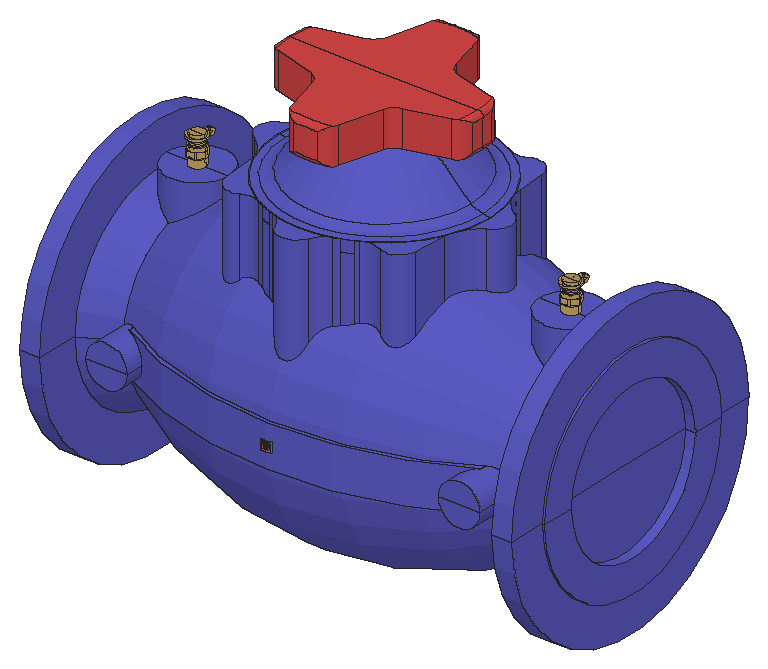
Revit family "HERZ Strömax Балансировочный клапан с измерительными клапанами, шпиндель прямой 4218 GMF", category Rohrzubehör, Revit 2020 (continued)
Definition of nested family "Messstutzen_Band_Austritt_senkrecht_(oben 25)"
  Forms (mm)
    Extrusion 4, solid, detail levels fine
      sketch origin (12.045, 0, 25.83) x (0, 1, 0) y (0.906308, 0, -0.422618)
        loop
          circle (0, 0) r 3.7
        loop
          arc (5.505, -3.906) -> (7.288, -2.358) -> (9.582, -1.8) r 5
          line (9.582, -1.8) -> (9.582, 1.8)
          arc (9.582, 1.8) -> (7.288, 2.358) -> (5.505, 3.906) r 5
          arc (5.505, 3.906) -> (-6.75, 0) -> (5.505, -3.906) r 6.75
      from 0 to -1.5
    Extrusion 5, solid, detail levels fine
      sketch origin (14.022, 0, 30.07) x (0, 1, 0) y (0.906308, 0, -0.422618)
        loop
          circle (0, 0) r 6.1
        loop
          arc (8.652, -4.495) -> (10.493, -2.527) -> (13.089, -1.8) r 5
          line (13.089, -1.8) -> (13.089, 1.8)
          arc (13.089, 1.8) -> (10.493, 2.527) -> (8.652, 4.495) r 5
          arc (8.652, 4.495) -> (-9.75, 0) -> (8.652, -4.495) r 9.75
      from 0 to -1.5
    Sweep 6, solid, detail levels fine
      path origin (0.876, 0.242, 1.118) x (-0.422618, 0, -0.906308) y (0, 1, 0)
        loop
          line (-27.75, 9.582) -> (-27.75, 14.522)
          arc (-27.75, 14.522) -> (-30.089, 16.862) -> (-32.428, 14.522) r 2.339
          line (-32.428, 14.522) -> (-32.428, 13.089)
      profile origin (12.603, 12.294, 26.268) x (0.422618, 0, 0.906308) y (0.906308, 0, -0.422618)
        loop
          line (-0.75, -1.8) -> (0.75, -1.8) -> (0.75, 1.8) -> (-0.75, 1.8) -> (-0.75, -1.8)
  Dimensions and locks
    aligned and locked: level to plane 2
Definition of nested family "Messstutzen_Band_Austritt_senkrecht_(oben 0.8)"
  Parameters (values of type "Messstutzen_Band_Austritt_senkrecht_(oben 0.8)")
    Default Elevation = 0.00 mm
    URL = "www.herz-armaturen.at"
    Schutzkappe [instance] = yes
    Nennweite [instance] = 0.00 mm
    Manufacturer = "Herz Armaturen GmbH"  # constant formula
    Gewicht [instance] = 0.00 kg
    Bestellnummer [instance] = 0
  Reference planes
    plane 1 "Mitte (Vorne/hinten)": y = 0
    plane 2: z = 0
    plane 3 "Mitte (Links/rechts)": x = 0
  Forms (mm)
    Revolve 1, solid, detail levels fine
      sketch origin (0, 0, 0) x (0.999903, 0, -0.013962) y (0.013962, 0, 0.999903)
        loop
          line (-7.4, 9) -> (-5.55, 9) -> (-5.55, 6)
          arc (-5.55, 6) -> (-5.626, 5.617) -> (-5.843, 5.293) r 1
          line (-5.843, 5.293) -> (-6.455, 4.681) -> (-6.455, 0.9) -> (-5.555, 0) -> (-2, 0) -> (-2, 17.5) -> (-8.4, 17.5)
          arc (-8.4, 17.5) -> (-7.693, 17.207) -> (-7.4, 16.5) r 1
          line (-7.4, 16.5) -> (-7.4, 9)
        loop
          line (-3.7, 27) -> (-7.3, 27) -> (-7.9, 26.4) -> (-7.9, 23) -> (-2, 23) -> (-2, 35.8) -> (-3.805, 35.8) -> (-4.415, 35.19) -> (-4.415, 30.863) -> (-3.7, 30.45) -> (-3.7, 27)
        axis (0, 0) -> (0, 35.8)
      angle from 0 to 360
    Extrusion 2, solid, detail levels fine
      sketch origin (0.244, 0, 17.498) x (0, 1, 0) y (-0.999903, 0, 0.013962)
        loop
          arc (-7.07, 5.156) -> (-7.578, 4.375) -> (-8, 3.544) r 8.75
          line (-8, 3.544) -> (-8, -3.544)
          arc (-8, -3.544) -> (-7.578, -4.375) -> (-7.07, -5.156) r 8.75
          line (-7.07, -5.156) -> (-0.93, -8.7)
          arc (-0.93, -8.7) -> (0, -8.75) -> (0.93, -8.7) r 8.75
          line (0.93, -8.7) -> (7.07, -5.156)
          arc (7.07, -5.156) -> (7.578, -4.375) -> (8, -3.544) r 8.75
          line (8, -3.544) -> (8, 3.544)
          arc (8, 3.544) -> (7.578, 4.375) -> (7.07, 5.156) r 8.75
          line (7.07, 5.156) -> (0.93, 8.7)
          arc (0.93, 8.7) -> (0, 8.75) -> (-0.93, 8.7) r 8.75
          line (-0.93, 8.7) -> (-7.07, 5.156)
      from 0 to 5.5
    Revolve 3, solid, visible <- "Schutzkappe", detail levels fine
      sketch origin (0, 0, 0) x (0.999903, 0, -0.013962) y (0.013962, 0, 0.999903)
        loop
          line (0, 35.878) -> (0, 36.678) -> (-7, 36.678) -> (-7, 33.378) -> (-6.1, 33.378) -> (-6.1, 31.678) -> (-6.9, 31.678) -> (-6.9, 30.178) -> (-4.415, 30.178) -> (-4.415, 35.268) -> (-3.805, 35.878) -> (0, 35.878)
        axis (0, 30.178) -> (0, 36.678)
      angle from 0 to 360
    Extrusion 4, solid, detail levels fine
      sketch origin (0.398, 0, 28.497) x (0, 1, 0) y (0.999903, 0, -0.013962)
        loop
          circle (0, 0) r 3.7
        loop
          arc (5.505, -3.906) -> (7.288, -2.358) -> (9.582, -1.8) r 5
          line (9.582, -1.8) -> (9.582, 1.8)
          arc (9.582, 1.8) -> (7.288, 2.358) -> (5.505, 3.906) r 5
          arc (5.505, 3.906) -> (-6.75, 0) -> (5.505, -3.906) r 6.75
      from 0 to -1.5
    Extrusion 5, solid, detail levels fine
      sketch origin (0.463, 0, 33.175) x (0, 1, 0) y (0.999903, 0, -0.013962)
        loop
          circle (0, 0) r 6.1
        loop
          arc (8.652, -4.495) -> (10.493, -2.527) -> (13.089, -1.8) r 5
          line (13.089, -1.8) -> (13.089, 1.8)
          arc (13.089, 1.8) -> (10.493, 2.527) -> (8.652, 4.495) r 5
          arc (8.652, 4.495) -> (-9.75, 0) -> (8.652, -4.495) r 9.75
      from 0 to -1.5
    Sweep 6, solid, detail levels fine
      path origin (0.514, 0.493, 1.007) x (-0.013962, 0, -0.999903) y (0, 1, 0)
        loop
          line (-27.75, 9.582) -> (-27.75, 14.522)
          arc (-27.75, 14.522) -> (-30.089, 16.862) -> (-32.428, 14.522) r 2.339
          line (-32.428, 14.522) -> (-32.428, 13.089)
      profile origin (0.901, 12.545, 28.754) x (0.013962, 0, 0.999903) y (0.999903, 0, -0.013962)
        loop
          line (-0.75, -1.8) -> (0.75, -1.8) -> (0.75, 1.8) -> (-0.75, 1.8) -> (-0.75, -1.8)
  Dimensions and locks
    aligned and locked: level to plane 2
Definition of nested family "Messstutzen_Band_Eintritt_senkrecht_(oben 10)"
  Parameters (values of type "Messstutzen_Band_Eintritt_senkrecht_(oben 10)")
    Default Elevation = 0.00 mm
    URL = "www.herz-armaturen.at"
    Schutzkappe [instance] = yes
    Nennweite [instance] = 0.00 mm
    Manufacturer = "Herz Armaturen GmbH"  # constant formula
    Gewicht [instance] = 0.00 kg
    Bestellnummer [instance] = 0
  Reference planes
    plane 1 "Mitte (Vorne/hinten)": y = 0
    plane 2: z = 0
    plane 3 "Mitte (Links/rechts)": x = 0
  Forms (mm)
    Revolve 1, solid, detail levels fine
      sketch origin (0, 0, 0) x (0.984808, 0, 0.173648) y (-0.173648, 0, 0.984808)
        loop
          line (-7.4, 9) -> (-5.55, 9) -> (-5.55, 6)
          arc (-5.55, 6) -> (-5.626, 5.617) -> (-5.843, 5.293) r 1
          line (-5.843, 5.293) -> (-6.455, 4.681) -> (-6.455, 0.9) -> (-5.555, 0) -> (-2, 0) -> (-2, 17.5) -> (-8.4, 17.5)
          arc (-8.4, 17.5) -> (-7.693, 17.207) -> (-7.4, 16.5) r 1
          line (-7.4, 16.5) -> (-7.4, 9)
        loop
          line (-3.7, 27) -> (-7.3, 27) -> (-7.9, 26.4) -> (-7.9, 23) -> (-2, 23) -> (-2, 35.8) -> (-3.805, 35.8) -> (-4.415, 35.19) -> (-4.415, 30.863) -> (-3.7, 30.45) -> (-3.7, 27)
        axis (0, 0) -> (0, 35.8)
      angle from 0 to 360
    Extrusion 2, solid, detail levels fine
      sketch origin (-3.039, 0, 17.234) x (0, 1, 0) y (-0.984808, 0, -0.173648)
        loop
          arc (-7.07, 5.156) -> (-7.578, 4.375) -> (-8, 3.544) r 8.75
          line (-8, 3.544) -> (-8, -3.544)
          arc (-8, -3.544) -> (-7.578, -4.375) -> (-7.07, -5.156) r 8.75
          line (-7.07, -5.156) -> (-0.93, -8.7)
          arc (-0.93, -8.7) -> (0, -8.75) -> (0.93, -8.7) r 8.75
          line (0.93, -8.7) -> (7.07, -5.156)
          arc (7.07, -5.156) -> (7.578, -4.375) -> (8, -3.544) r 8.75
          line (8, -3.544) -> (8, 3.544)
          arc (8, 3.544) -> (7.578, 4.375) -> (7.07, 5.156) r 8.75
          line (7.07, 5.156) -> (0.93, 8.7)
          arc (0.93, 8.7) -> (0, 8.75) -> (-0.93, 8.7) r 8.75
          line (-0.93, 8.7) -> (-7.07, 5.156)
      from 0 to 5.5
    Revolve 3, solid, visible <- "Schutzkappe", detail levels fine
      sketch origin (0, 0, 0) x (0.984808, 0, 0.173648) y (-0.173648, 0, 0.984808)
        loop
          line (0, 35.878) -> (0, 36.678) -> (-7, 36.678) -> (-7, 33.378) -> (-6.1, 33.378) -> (-6.1, 31.678) -> (-6.9, 31.678) -> (-6.9, 30.178) -> (-4.415, 30.178) -> (-4.415, 35.268) -> (-3.805, 35.878) -> (0, 35.878)
        axis (0, 30.178) -> (0, 36.678)
      angle from 0 to 360
    Extrusion 4, solid, detail levels fine
      sketch origin (-4.949, 0, 28.067) x (0, 1, 0) y (0.984808, 0, 0.173648)
        loop
          circle (0, 0) r 3.7
        loop
          arc (5.505, -3.906) -> (7.288, -2.358) -> (9.582, -1.8) r 5
          line (9.582, -1.8) -> (9.582, 1.8)
          arc (9.582, 1.8) -> (7.288, 2.358) -> (5.505, 3.906) r 5
          arc (5.505, 3.906) -> (-6.75, 0) -> (5.505, -3.906) r 6.75
      from 0 to -1.5
    Extrusion 5, solid, detail levels fine
      sketch origin (-5.761, 0, 32.674) x (0, 1, 0) y (0.984808, 0, 0.173648)
        loop
          circle (0, 0) r 6.1
        loop
          arc (8.652, -4.495) -> (10.493, -2.527) -> (13.089, -1.8) r 5
          line (13.089, -1.8) -> (13.089, 1.8)
          arc (13.089, 1.8) -> (10.493, 2.527) -> (8.652, 4.495) r 5
          arc (8.652, 4.495) -> (-9.75, 0) -> (8.652, -4.495) r 9.75
      from 0 to -1.5
    Sweep 6, solid, detail levels fine
      path origin (0.6, 0.141, 0.838) x (0.173648, 0, -0.984808) y (0, 1, 0)
        loop
          line (-27.75, 9.582) -> (-27.75, 14.522)
          arc (-27.75, 14.522) -> (-30.089, 16.862) -> (-32.428, 14.522) r 2.339
          line (-32.428, 14.522) -> (-32.428, 13.089)
      profile origin (-4.219, 12.193, 28.166) x (-0.173648, 0, 0.984808) y (0.984808, 0, 0.173648)
        loop
          line (-0.75, -1.8) -> (0.75, -1.8) -> (0.75, 1.8) -> (-0.75, 1.8) -> (-0.75, -1.8)
  Dimensions and locks
    aligned and locked: level to plane 2
Definition of nested family "Messstutzen_Band_Eintritt_senkrecht_(oben 15)"
  Parameters (values of type "Messstutzen_Band_Eintritt_senkrecht_(oben 15)")
    Default Elevation = 0.00 mm
    URL = "www.herz-armaturen.at"
    Schutzkappe [instance] = yes
    Nennweite [instance] = 0.00 mm
    Manufacturer = "Herz Armaturen GmbH"  # constant formula
    Gewicht [instance] = 0.00 kg
    Bestellnummer [instance] = 0
  Reference planes
    plane 1 "Mitte (Vorne/hinten)": y = 0
    plane 2: z = 0
    plane 3 "Mitte (Links/rechts)": x = 0
  Forms (mm)
    Revolve 1, solid, detail levels fine
      sketch origin (0, 0, 0) x (0.965926, 0, 0.258819) y (-0.258819, 0, 0.965926)
        loop
          line (-7.4, 9) -> (-5.55, 9) -> (-5.55, 6)
          arc (-5.55, 6) -> (-5.626, 5.617) -> (-5.843, 5.293) r 1
          line (-5.843, 5.293) -> (-6.455, 4.681) -> (-6.455, 0.9) -> (-5.555, 0) -> (-2, 0) -> (-2, 17.5) -> (-8.4, 17.5)
          arc (-8.4, 17.5) -> (-7.693, 17.207) -> (-7.4, 16.5) r 1
          line (-7.4, 16.5) -> (-7.4, 9)
        loop
          line (-3.7, 27) -> (-7.3, 27) -> (-7.9, 26.4) -> (-7.9, 23) -> (-2, 23) -> (-2, 35.8) -> (-3.805, 35.8) -> (-4.415, 35.19) -> (-4.415, 30.863) -> (-3.7, 30.45) -> (-3.7, 27)
        axis (0, 0) -> (0, 35.8)
      angle from 0 to 360
    Extrusion 2, solid, detail levels fine
      sketch origin (-4.529, 0, 16.904) x (0, 1, 0) y (-0.965926, 0, -0.258819)
        loop
          arc (-7.07, 5.156) -> (-7.578, 4.375) -> (-8, 3.544) r 8.75
          line (-8, 3.544) -> (-8, -3.544)
          arc (-8, -3.544) -> (-7.578, -4.375) -> (-7.07, -5.156) r 8.75
          line (-7.07, -5.156) -> (-0.93, -8.7)
          arc (-0.93, -8.7) -> (0, -8.75) -> (0.93, -8.7) r 8.75
          line (0.93, -8.7) -> (7.07, -5.156)
          arc (7.07, -5.156) -> (7.578, -4.375) -> (8, -3.544) r 8.75
          line (8, -3.544) -> (8, 3.544)
          arc (8, 3.544) -> (7.578, 4.375) -> (7.07, 5.156) r 8.75
          line (7.07, 5.156) -> (0.93, 8.7)
          arc (0.93, 8.7) -> (0, 8.75) -> (-0.93, 8.7) r 8.75
          line (-0.93, 8.7) -> (-7.07, 5.156)
      from 0 to 5.5
    Revolve 3, solid, visible <- "Schutzkappe", detail levels fine
      sketch origin (0, 0, 0) x (0.965926, 0, 0.258819) y (-0.258819, 0, 0.965926)
        loop
          line (0, 35.878) -> (0, 36.678) -> (-7, 36.678) -> (-7, 33.378) -> (-6.1, 33.378) -> (-6.1, 31.678) -> (-6.9, 31.678) -> (-6.9, 30.178) -> (-4.415, 30.178) -> (-4.415, 35.268) -> (-3.805, 35.878) -> (0, 35.878)
        axis (0, 30.178) -> (0, 36.678)
      angle from 0 to 360
    Extrusion 4, solid, detail levels fine
      sketch origin (-7.376, 0, 27.529) x (0, 1, 0) y (0.965926, 0, 0.258819)
        loop
          circle (0, 0) r 3.7
        loop
          arc (5.505, -3.906) -> (7.288, -2.358) -> (9.582, -1.8) r 5
          line (9.582, -1.8) -> (9.582, 1.8)
          arc (9.582, 1.8) -> (7.288, 2.358) -> (5.505, 3.906) r 5
          arc (5.505, 3.906) -> (-6.75, 0) -> (5.505, -3.906) r 6.75
      from 0 to -1.5
    Extrusion 5, solid, detail levels fine
      sketch origin (-8.587, 0, 32.048) x (0, 1, 0) y (0.965926, 0, 0.258819)
        loop
          circle (0, 0) r 6.1
        loop
          arc (8.652, -4.495) -> (10.493, -2.527) -> (13.089, -1.8) r 5
          line (13.089, -1.8) -> (13.089, 1.8)
          arc (13.089, 1.8) -> (10.493, 2.527) -> (8.652, 4.495) r 5
          arc (8.652, 4.495) -> (-9.75, 0) -> (8.652, -4.495) r 9.75
      from 0 to -1.5
    Sweep 6, solid, detail levels fine
      path origin (0.468, 0.277, 0.942) x (0.258819, 0, -0.965926) y (0, 1, 0)
        loop
          line (-27.75, 9.582) -> (-27.75, 14.522)
          arc (-27.75, 14.522) -> (-30.089, 16.862) -> (-32.428, 14.522) r 2.339
          line (-32.428, 14.522) -> (-32.428, 13.089)
      profile origin (-6.714, 12.329, 27.747) x (-0.258819, 0, 0.965926) y (0.965926, 0, 0.258819)
        loop
          line (-0.75, -1.8) -> (0.75, -1.8) -> (0.75, 1.8) -> (-0.75, 1.8) -> (-0.75, -1.8)
  Dimensions and locks
    aligned and locked: level to plane 2
Definition of nested family "Messstutzen_Band_Eintritt_senkrecht_(oben 25)"
  Parameters (values of type "Messstutzen_Band_Eintritt_senkrecht_(oben 25)")
    Default Elevation = 0.00 mm
    URL = "www.herz-armaturen.at"
    Schutzkappe [instance] = yes
    Nennweite [instance] = 0.00 mm
    Manufacturer = "Herz Armaturen GmbH"  # constant formula
    Gewicht [instance] = 0.00 kg
    Bestellnummer [instance] = 0
  Reference planes
    plane 1 "Mitte (Vorne/hinten)": y = 0
    plane 2: z = 0
    plane 3 "Mitte (Links/rechts)": x = 0
  Forms (mm)
    Revolve 1, solid, detail levels fine
      sketch origin (0, 0, 0) x (0.906308, 0, 0.422618) y (-0.422618, 0, 0.906308)
        loop
          line (-7.4, 9) -> (-5.55, 9) -> (-5.55, 6)
          arc (-5.55, 6) -> (-5.626, 5.617) -> (-5.843, 5.293) r 1
          line (-5.843, 5.293) -> (-6.455, 4.681) -> (-6.455, 0.9) -> (-5.555, 0) -> (-2, 0) -> (-2, 17.5) -> (-8.4, 17.5)
          arc (-8.4, 17.5) -> (-7.693, 17.207) -> (-7.4, 16.5) r 1
          line (-7.4, 16.5) -> (-7.4, 9)
        loop
          line (-3.7, 27) -> (-7.3, 27) -> (-7.9, 26.4) -> (-7.9, 23) -> (-2, 23) -> (-2, 35.8) -> (-3.805, 35.8) -> (-4.415, 35.19) -> (-4.415, 30.863) -> (-3.7, 30.45) -> (-3.7, 27)
        axis (0, 0) -> (0, 35.8)
      angle from 0 to 360
    Extrusion 2, solid, detail levels fine
      sketch origin (-7.396, 0, 15.86) x (0, 1, 0) y (-0.906308, 0, -0.422618)
        loop
          arc (-7.07, 5.156) -> (-7.578, 4.375) -> (-8, 3.544) r 8.75
          line (-8, 3.544) -> (-8, -3.544)
          arc (-8, -3.544) -> (-7.578, -4.375) -> (-7.07, -5.156) r 8.75
          line (-7.07, -5.156) -> (-0.93, -8.7)
          arc (-0.93, -8.7) -> (0, -8.75) -> (0.93, -8.7) r 8.75
          line (0.93, -8.7) -> (7.07, -5.156)
          arc (7.07, -5.156) -> (7.578, -4.375) -> (8, -3.544) r 8.75
          line (8, -3.544) -> (8, 3.544)
          arc (8, 3.544) -> (7.578, 4.375) -> (7.07, 5.156) r 8.75
          line (7.07, 5.156) -> (0.93, 8.7)
          arc (0.93, 8.7) -> (0, 8.75) -> (-0.93, 8.7) r 8.75
          line (-0.93, 8.7) -> (-7.07, 5.156)
      from 0 to 5.5
    Revolve 3, solid, visible <- "Schutzkappe", detail levels fine
      sketch origin (0, 0, 0) x (0.906308, 0, 0.422618) y (-0.422618, 0, 0.906308)
        loop
          line (0, 35.878) -> (0, 36.678) -> (-7, 36.678) -> (-7, 33.378) -> (-6.1, 33.378) -> (-6.1, 31.678) -> (-6.9, 31.678) -> (-6.9, 30.178) -> (-4.415, 30.178) -> (-4.415, 35.268) -> (-3.805, 35.878) -> (0, 35.878)
        axis (0, 30.178) -> (0, 36.678)
      angle from 0 to 360
    Extrusion 4, solid, detail levels fine
      sketch origin (-12.045, 0, 25.83) x (0, 1, 0) y (0.906308, 0, 0.422618)
        loop
          circle (0, 0) r 3.7
        loop
          arc (5.505, -3.906) -> (7.288, -2.358) -> (9.582, -1.8) r 5
          line (9.582, -1.8) -> (9.582, 1.8)
          arc (9.582, 1.8) -> (7.288, 2.358) -> (5.505, 3.906) r 5
          arc (5.505, 3.906) -> (-6.75, 0) -> (5.505, -3.906) r 6.75
      from 0 to -1.5
    Extrusion 5, solid, detail levels fine
      sketch origin (-14.022, 0, 30.07) x (0, 1, 0) y (0.906308, 0, 0.422618)
        loop
          circle (0, 0) r 6.1
        loop
          arc (8.652, -4.495) -> (10.493, -2.527) -> (13.089, -1.8) r 5
          line (13.089, -1.8) -> (13.089, 1.8)
          arc (13.089, 1.8) -> (10.493, 2.527) -> (8.652, 4.495) r 5
          arc (8.652, 4.495) -> (-9.75, 0) -> (8.652, -4.495) r 9.75
      from 0 to -1.5
    Sweep 6, solid, detail levels fine
      path origin (-0.876, 0.242, 1.118) x (0.422618, 0, -0.906308) y (0, 1, 0)
        loop
          line (-27.75, 9.582) -> (-27.75, 14.522)
          arc (-27.75, 14.522) -> (-30.089, 16.862) -> (-32.428, 14.522) r 2.339
          line (-32.428, 14.522) -> (-32.428, 13.089)
      profile origin (-12.603, 12.294, 26.268) x (-0.422618, 0, 0.906308) y (0.906308, 0, 0.422618)
        loop
          line (-0.75, -1.8) -> (0.75, -1.8) -> (0.75, 1.8) -> (-0.75, 1.8) -> (-0.75, -1.8)
  Dimensions and locks
    aligned and locked: level to plane 2
Definition of nested family "Messstutzen_Band_Eintritt_senkrecht_(oben 0.8)"
  Parameters (values of type "Messstutzen_Band_Eintritt_senkrecht_(oben 0.8)")
    Default Elevation = 0.00 mm
    URL = "www.herz-armaturen.at"
    Schutzkappe [instance] = yes
    Nennweite [instance] = 0.00 mm
    Manufacturer = "Herz Armaturen GmbH"  # constant formula
    Gewicht [instance] = 0.00 kg
    Bestellnummer [instance] = 0
  Reference planes
    plane 1 "Mitte (Vorne/hinten)": y = 0
    plane 2: z = 0
    plane 3 "Mitte (Links/rechts)": x = 0
  Forms (mm)
    Revolve 1, solid, detail levels fine
      sketch origin (0, 0, 0) x (0.999903, 0, 0.013962) y (-0.013962, 0, 0.999903)
        loop
          line (-7.4, 9) -> (-5.55, 9) -> (-5.55, 6)
          arc (-5.55, 6) -> (-5.626, 5.617) -> (-5.843, 5.293) r 1
          line (-5.843, 5.293) -> (-6.455, 4.681) -> (-6.455, 0.9) -> (-5.555, 0) -> (-2, 0) -> (-2, 17.5) -> (-8.4, 17.5)
          arc (-8.4, 17.5) -> (-7.693, 17.207) -> (-7.4, 16.5) r 1
          line (-7.4, 16.5) -> (-7.4, 9)
        loop
          line (-3.7, 27) -> (-7.3, 27) -> (-7.9, 26.4) -> (-7.9, 23) -> (-2, 23) -> (-2, 35.8) -> (-3.805, 35.8) -> (-4.415, 35.19) -> (-4.415, 30.863) -> (-3.7, 30.45) -> (-3.7, 27)
        axis (0, 0) -> (0, 35.8)
      angle from 0 to 360
    Extrusion 2, solid, detail levels fine
      sketch origin (-0.244, 0, 17.498) x (0, 1, 0) y (-0.999903, 0, -0.013962)
        loop
          arc (-7.07, 5.156) -> (-7.578, 4.375) -> (-8, 3.544) r 8.75
          line (-8, 3.544) -> (-8, -3.544)
          arc (-8, -3.544) -> (-7.578, -4.375) -> (-7.07, -5.156) r 8.75
          line (-7.07, -5.156) -> (-0.93, -8.7)
          arc (-0.93, -8.7) -> (0, -8.75) -> (0.93, -8.7) r 8.75
          line (0.93, -8.7) -> (7.07, -5.156)
          arc (7.07, -5.156) -> (7.578, -4.375) -> (8, -3.544) r 8.75
          line (8, -3.544) -> (8, 3.544)
          arc (8, 3.544) -> (7.578, 4.375) -> (7.07, 5.156) r 8.75
          line (7.07, 5.156) -> (0.93, 8.7)
          arc (0.93, 8.7) -> (0, 8.75) -> (-0.93, 8.7) r 8.75
          line (-0.93, 8.7) -> (-7.07, 5.156)
      from 0 to 5.5
    Revolve 3, solid, visible <- "Schutzkappe", detail levels fine
      sketch origin (0, 0, 0) x (0.999903, 0, 0.013962) y (-0.013962, 0, 0.999903)
        loop
          line (0, 35.878) -> (0, 36.678) -> (-7, 36.678) -> (-7, 33.378) -> (-6.1, 33.378) -> (-6.1, 31.678) -> (-6.9, 31.678) -> (-6.9, 30.178) -> (-4.415, 30.178) -> (-4.415, 35.268) -> (-3.805, 35.878) -> (0, 35.878)
        axis (0, 30.178) -> (0, 36.678)
      angle from 0 to 360
    Extrusion 4, solid, detail levels fine
      sketch origin (-0.398, 0, 28.497) x (0, 1, 0) y (0.999903, 0, 0.013962)
        loop
          circle (0, 0) r 3.7
        loop
          arc (5.505, -3.906) -> (7.288, -2.358) -> (9.582, -1.8) r 5
          line (9.582, -1.8) -> (9.582, 1.8)
          arc (9.582, 1.8) -> (7.288, 2.358) -> (5.505, 3.906) r 5
          arc (5.505, 3.906) -> (-6.75, 0) -> (5.505, -3.906) r 6.75
      from 0 to -1.5
    Extrusion 5, solid, detail levels fine
      sketch origin (-0.463, 0, 33.175) x (0, 1, 0) y (0.999903, 0, 0.013962)
        loop
          circle (0, 0) r 6.1
        loop
          arc (8.652, -4.495) -> (10.493, -2.527) -> (13.089, -1.8) r 5
          line (13.089, -1.8) -> (13.089, 1.8)
          arc (13.089, 1.8) -> (10.493, 2.527) -> (8.652, 4.495) r 5
          arc (8.652, 4.495) -> (-9.75, 0) -> (8.652, -4.495) r 9.75
      from 0 to -1.5
    Sweep 6, solid, detail levels fine
      path origin (0.447, 0.318, 1.252) x (0.013962, 0, -0.999903) y (0, 1, 0)
        loop
          line (-27.75, 9.582) -> (-27.75, 14.522)
          arc (-27.75, 14.522) -> (-30.089, 16.862) -> (-32.428, 14.522) r 2.339
          line (-32.428, 14.522) -> (-32.428, 13.089)
      profile origin (0.059, 12.37, 29) x (-0.013962, 0, 0.999903) y (0.999903, 0, 0.013962)
        loop
          line (-0.75, -1.8) -> (0.75, -1.8) -> (0.75, 1.8) -> (-0.75, 1.8) -> (-0.75, -1.8)
  Dimensions and locks
    aligned and locked: level to plane 2
Definition of nested family "Strangregulierventil-Handrad-Gerade (Rot) DN15-DN40"
  Parameters (values of type "Strangregulierventil-Handrad-Gerade (Rot) DN15-DN40")
    Default Elevation = 0.00 mm
    URL = "www.herz-armaturen.at"
    Nennweite [instance] = 0.00 mm
    Manufacturer = "Herz Armaturen GmbH"  # constant formula
    Gewicht [instance] = 0.00 kg
    Bestellnummer [instance] = 0
  Reference planes
    plane 1 "Mitte (Vorne/hinten)": y = 0
    plane 2: z = 0
    plane 3 "Mitte (Links/rechts)": x = 0
  Forms (mm)
    Revolve 1, solid, detail levels fine
      sketch origin (0, 0, 0) x (1, 0, 0) y (0, 0, 1)
        loop
          line (0, 0) -> (0, 24.95) -> (-30.992, 24.95)
          arc (-30.992, 24.95) -> (-34.37, 23.636) -> (-35.973, 20.386) r 5
          line (-35.973, 20.386) -> (-37, 8.65) -> (-35.986, -2.936)
          arc (-35.986, -2.936) -> (-34.383, -6.186) -> (-31.005, -7.5) r 5
          line (-31.005, -7.5) -> (-15, -7.5) -> (-15, 0) -> (0, 0)
        axis (0, 24.95) -> (0, -7.5)
      angle from 0 to 360
    Extrusion 2, void
      sketch origin (0, 0, 20.3) x (1, 0, 0) y (0, 1, 0)
        loop
          line (3.861, 35.5) -> (-3.861, 35.5)
          arc (-3.861, 35.5) -> (-8.731, 33.847) -> (-11.589, 29.571) r 8
          line (-11.589, 29.571) -> (-13.284, 23.245)
          arc (-13.284, 23.245) -> (-13.982, 21.722) -> (-15.144, 20.516) r 5
          arc (-15.144, 20.516) -> (-18.031, 18.031) -> (-20.516, 15.144) r 25.5
          arc (-20.516, 15.144) -> (-21.722, 13.982) -> (-23.245, 13.284) r 5
          line (-23.245, 13.284) -> (-29.571, 11.589)
          arc (-29.571, 11.589) -> (-33.847, 8.731) -> (-35.5, 3.861) r 8
          line (-35.5, 3.861) -> (-35.5, -3.861)
          arc (-35.5, -3.861) -> (-33.847, -8.731) -> (-29.571, -11.589) r 8
          line (-29.571, -11.589) -> (-23.245, -13.284)
          arc (-23.245, -13.284) -> (-21.722, -13.982) -> (-20.516, -15.144) r 5
          arc (-20.516, -15.144) -> (-18.031, -18.031) -> (-15.144, -20.516) r 25.5
          arc (-15.144, -20.516) -> (-13.982, -21.722) -> (-13.284, -23.245) r 5
          line (-13.284, -23.245) -> (-11.589, -29.571)
          arc (-11.589, -29.571) -> (-8.731, -33.847) -> (-3.861, -35.5) r 8
          line (-3.861, -35.5) -> (3.861, -35.5)
          arc (3.861, -35.5) -> (8.731, -33.847) -> (11.589, -29.571) r 8
          line (11.589, -29.571) -> (13.284, -23.245)
          arc (13.284, -23.245) -> (13.982, -21.722) -> (15.144, -20.516) r 5
          arc (15.144, -20.516) -> (18.031, -18.031) -> (20.516, -15.144) r 25.5
          arc (20.516, -15.144) -> (21.722, -13.982) -> (23.245, -13.284) r 5
          line (23.245, -13.284) -> (29.571, -11.589)
          arc (29.571, -11.589) -> (33.847, -8.731) -> (35.5, -3.861) r 8
          line (35.5, -3.861) -> (35.5, 3.861)
          arc (35.5, 3.861) -> (33.847, 8.731) -> (29.571, 11.589) r 8
          line (29.571, 11.589) -> (23.245, 13.284)
          arc (23.245, 13.284) -> (21.722, 13.982) -> (20.516, 15.144) r 5
          arc (20.516, 15.144) -> (18.031, 18.031) -> (15.144, 20.516) r 25.5
          arc (15.144, 20.516) -> (13.982, 21.722) -> (13.284, 23.245) r 5
          line (13.284, 23.245) -> (11.589, 29.571)
          arc (11.589, 29.571) -> (8.731, 33.847) -> (3.861, 35.5) r 8
        loop
          circle (0, 0) r 38
      from -31.266 to 7.923
  Cuts and joins
    Extrusion 2 cuts Revolve 1
  Dimensions and locks
    Revolve 1 sketch curve to Revolve 1 sketch curve = 15.00 mm
    Revolve 1 sketch curve to Revolve 1 sketch curve = 16.15 mm
    Revolve 1 sketch curve to Revolve 1 sketch curve = 16.30 mm
    angle Revolve 1 sketch curve to Revolve 1 sketch curve = 95.00°
    aligned and locked: level to plane 2
Definition of nested family "Strangregulierventil-Handrad-Gerade (Rot) DN50-DN80"
  Parameters (values of type "Strangregulierventil-Handrad-Gerade (Rot) DN50-DN80")
    Default Elevation = 0.00 mm
    URL = "www.herz-armaturen.at"
    Nennweite [instance] = 0.00 mm
    Manufacturer = "Herz Armaturen GmbH"  # constant formula
    Gewicht [instance] = 0.00 kg
    Bestellnummer [instance] = 0
  Reference planes
    plane 1 "Mitte (Vorne/hinten)": y = 0
    plane 2: z = 0
    plane 3 "Mitte (Links/rechts)": x = 0
  Forms (mm)
    Revolve 1, solid, detail levels fine
      sketch origin (0, 0, 0) x (1, 0, 0) y (0, 0, 1)
        loop
          line (0, 0) -> (0, 24.95) -> (-50.992, 24.95)
          arc (-50.992, 24.95) -> (-54.37, 23.636) -> (-55.973, 20.386) r 5
          line (-55.973, 20.386) -> (-57, 8.65) -> (-55.986, -2.936)
          arc (-55.986, -2.936) -> (-54.383, -6.186) -> (-51.005, -7.5) r 5
          line (-51.005, -7.5) -> (-15, -7.5) -> (-15, 0) -> (0, 0)
        axis (0, 24.95) -> (0, -7.5)
      angle from 0 to 360
    Extrusion 2, void
      sketch origin (0, 0, 20.3) x (1, 0, 0) y (0, 1, 0)
        loop
          line (-55, 6.292) -> (-55, -6.292)
          arc (-55, -6.292) -> (-52.52, -13.597) -> (-46.106, -17.883) r 12
          line (-46.106, -17.883) -> (-35.399, -20.752)
          arc (-35.399, -20.752) -> (-33.541, -21.612) -> (-32.08, -23.047) r 6
          arc (-32.08, -23.047) -> (-27.931, -27.931) -> (-23.047, -32.08) r 39.5
          arc (-23.047, -32.08) -> (-21.612, -33.541) -> (-20.752, -35.399) r 6
          line (-20.752, -35.399) -> (-17.883, -46.106)
          arc (-17.883, -46.106) -> (-13.597, -52.52) -> (-6.292, -55) r 12
          line (-6.292, -55) -> (6.292, -55)
          arc (6.292, -55) -> (13.597, -52.52) -> (17.883, -46.106) r 12
          line (17.883, -46.106) -> (20.752, -35.399)
          arc (20.752, -35.399) -> (21.612, -33.541) -> (23.047, -32.08) r 6
          arc (23.047, -32.08) -> (27.931, -27.931) -> (32.08, -23.047) r 39.5
          arc (32.08, -23.047) -> (33.541, -21.612) -> (35.399, -20.752) r 6
          line (35.399, -20.752) -> (46.106, -17.883)
          arc (46.106, -17.883) -> (52.52, -13.597) -> (55, -6.292) r 12
          line (55, -6.292) -> (55, 6.292)
          arc (55, 6.292) -> (52.52, 13.597) -> (46.106, 17.883) r 12
          line (46.106, 17.883) -> (35.399, 20.752)
          arc (35.399, 20.752) -> (33.541, 21.612) -> (32.08, 23.047) r 6
          arc (32.08, 23.047) -> (27.931, 27.931) -> (23.047, 32.08) r 39.5
          arc (23.047, 32.08) -> (21.612, 33.541) -> (20.752, 35.399) r 6
          line (20.752, 35.399) -> (17.883, 46.106)
          arc (17.883, 46.106) -> (13.597, 52.52) -> (6.292, 55) r 12
          line (6.292, 55) -> (-6.292, 55)
          arc (-6.292, 55) -> (-13.597, 52.52) -> (-17.883, 46.106) r 12
          line (-17.883, 46.106) -> (-20.752, 35.399)
          arc (-20.752, 35.399) -> (-21.612, 33.541) -> (-23.047, 32.08) r 6
          arc (-23.047, 32.08) -> (-27.931, 27.931) -> (-32.08, 23.047) r 39.5
          arc (-32.08, 23.047) -> (-33.541, 21.612) -> (-35.399, 20.752) r 6
          line (-35.399, 20.752) -> (-46.106, 17.883)
          arc (-46.106, 17.883) -> (-52.52, 13.597) -> (-55, 6.292) r 12
        loop
          circle (0, 0) r 60
      from -31.161 to 7.489
  Cuts and joins
    Extrusion 2 cuts Revolve 1
  Dimensions and locks
    Revolve 1 sketch curve to Revolve 1 sketch curve = 15.00 mm
    Revolve 1 sketch curve to Revolve 1 sketch curve = 16.15 mm
    Revolve 1 sketch curve to Revolve 1 sketch curve = 16.30 mm
    Revolve 1 sketch curve to Revolve 1 sketch curve = 57.00 mm
    angle Revolve 1 sketch curve to Revolve 1 sketch curve = 95.00°
    aligned and locked: level to plane 2
Definition of nested family "Strangregulierventil-Handrad-Gerade (Rot) DN100-DN150"
  Parameters (values of type "Strangregulierventil-Handrad-Gerade (Rot) DN100-DN150")
    Default Elevation = 0.00 mm
    URL = "www.herz-armaturen.at"
    Nennweite [instance] = 0.00 mm
    Manufacturer = "Herz Armaturen GmbH"  # constant formula
    Gewicht [instance] = 0.00 kg
    Bestellnummer [instance] = 0
  Reference planes
    plane 1 "Mitte (Vorne/hinten)": y = 0
    plane 2: z = 0
    plane 3 "Mitte (Links/rechts)": x = 0
  Forms (mm)
    Revolve 1, solid, detail levels fine
      sketch origin (0, 0, 0) x (1, 0, 0) y (0, 0, 1)
        loop
          line (0, 0) -> (0, 20.8) -> (-90.019, 20.8)
          arc (-90.019, 20.8) -> (-93.397, 19.486) -> (-95, 16.236) r 5
          line (-95, 16.236) -> (-95, -9.166)
          arc (-95, -9.166) -> (-93.362, -12.33) -> (-90.032, -13.6) r 5
          line (-90.032, -13.6) -> (-20, -13.6) -> (-20, 0) -> (0, 0)
        axis (0, 20.8) -> (0, -13.6)
      angle from 0 to 360
    Extrusion 2, void
      sketch origin (0, 0, 20.3) x (1, 0, 0) y (0, 1, 0)
        loop
          circle (0, 0) r 110
        loop
          arc (-8.5, 94.619) -> (-17.649, 91.506) -> (-23, 83.46) r 15
          line (-23, 83.46) -> (-33.535, 44.142)
          arc (-33.535, 44.142) -> (-37.417, 37.417) -> (-44.142, 33.535) r 15
          line (-44.142, 33.535) -> (-83.46, 23)
          arc (-83.46, 23) -> (-91.506, 17.649) -> (-94.619, 8.5) r 15
          arc (-94.619, 8.5) -> (-95, 0) -> (-94.619, -8.5) r 95
          arc (-94.619, -8.5) -> (-91.506, -17.649) -> (-83.46, -23) r 15
          line (-83.46, -23) -> (-44.142, -33.535)
          arc (-44.142, -33.535) -> (-37.417, -37.417) -> (-33.535, -44.142) r 15
          line (-33.535, -44.142) -> (-23, -83.46)
          arc (-23, -83.46) -> (-17.649, -91.506) -> (-8.5, -94.619) r 15
          arc (-8.5, -94.619) -> (0, -95) -> (8.5, -94.619) r 95
          arc (8.5, -94.619) -> (17.649, -91.506) -> (23, -83.46) r 15
          line (23, -83.46) -> (33.535, -44.142)
          arc (33.535, -44.142) -> (37.417, -37.417) -> (44.142, -33.535) r 15
          line (44.142, -33.535) -> (83.46, -23)
          arc (83.46, -23) -> (91.506, -17.649) -> (94.619, -8.5) r 15
          arc (94.619, -8.5) -> (95, 0) -> (94.619, 8.5) r 95
          arc (94.619, 8.5) -> (91.506, 17.649) -> (83.46, 23) r 15
          line (83.46, 23) -> (44.142, 33.535)
          arc (44.142, 33.535) -> (37.417, 37.417) -> (33.535, 44.142) r 15
          line (33.535, 44.142) -> (23, 83.46)
          arc (23, 83.46) -> (17.649, 91.506) -> (8.5, 94.619) r 15
          arc (8.5, 94.619) -> (0, 95) -> (-8.5, 94.619) r 95
      from -51.286 to 22
  Cuts and joins
    Extrusion 2 cuts Revolve 1
  Dimensions and locks
    Revolve 1 sketch curve to Revolve 1 sketch curve = 20.00 mm
    Revolve 1 sketch curve to Revolve 1 sketch curve = 95.00 mm
    Revolve 1 sketch curve to Revolve 1 sketch curve = 34.40 mm
    plane 2 to Revolve 1 sketch curve = 13.60 mm
    aligned and locked: level to plane 2
